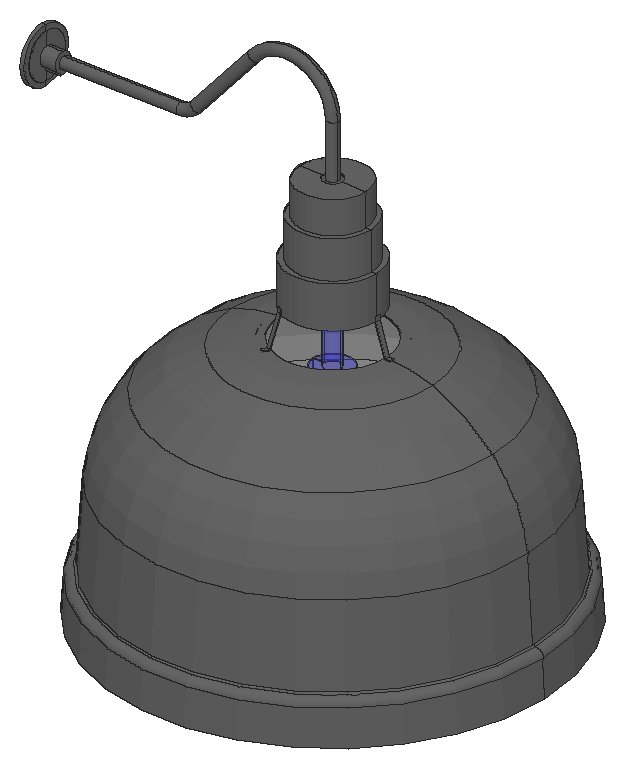
Revit family "OSUL MB 16,18,38", category Lighting Fixtures, Revit 2020
Family settings
  Round Connector Dimension = Use Diameter
  Part Type = Normal
  OmniClass Number = 23.80.70.00
  OmniClass Title = Lighting
  Work Plane-Based = No
  Always vertical = Yes
  Cut with Voids When Loaded = No
  Light Source = Yes
  Shared = No
  Room Calculation Point = No
Parameters (values of type "OSUL38")
  b = 0' - 2"
  a = 2' - 4"
  Weight = "12.0 lbs"
  Wattage Comments = "200 W Max"
  Wattage = 26.9284 W
  Warranty = "5 year limited warranty"  # constant formula
  built-in parameter 1150110 = 1 (stored number, unit not read)
  Voltage = 120 V
  URL = "https://www.anplighting.com/assets/Uploads/product-attachments/specification-sheets/ANP-Specification-Sheet-RLM-MB-OSUL38.pdf"
  UL 418 = no
  UL 416 = no
  built-in parameter 1114217 = 1 (stored number, unit not read)
  Tilt Angle = 90.00°
  built-in parameter 1150109 = 1 (stored number, unit not read)
  built-in parameter 1150134 = 12
  built-in parameter 1150113 = 1 (stored number, unit not read)
  Photometric Web File = "OSUL38M037LDNW40K.IES"
  OSUL38 = yes
  Mounting Option [instance] = 2
  Power Factor = 1
  Post Mount [instance] = Mounting Option = 5  # no
  Placement X axis side [instance] = if(Post Mount, 2' 2 15/32", if(Cord or Stem Mount, 0' 0", if(E36 20 inch, 1' 8 1/4", if(E 6 26 inch, 2' 2", if(E7 41 inch, 3' 5 1/4", 0' 1")))))  # 2' - 2"
  Model = "OSUL38"
  Manufacturer = "ANP Lighting"  # constant formula
  built-in parameter 1150105 = 318.31 (stored number, unit not read)
  Lumens = 4000 lm
  built-in parameter 1150115 = 1 (stored number, unit not read)
  Load Classification = Lighting
  Light Source Height [instance] = 0' - 0"
  built-in parameter 1150137 = (empty or 0)
  built-in parameter 1150139 = (empty or 0)
  Light Elevation _2 [instance] = if(Post Mount, 0' 0.66142", if(E7 41 inch, 0' 0.66142", if(E36 20 inch, 0' 1.65748", if(E 6 26 inch, 0' 1.53543", if(Cord or Stem Mount, (0' 4.3622" + Cord Length), 0' 0")))))  # 0' - 1.53543"
  Light Elevation _1 [instance] = if(Post Mount, 0' 0", if(E7 41 inch, 0' 0", if(E36 20 inch, 0' 1", if(E 6 26 inch, 0' 0.87402", if(Cord or Stem Mount, (0' 3.66142" + Cord Length), 0' 0")))))  # 0' - 0.87402"
  Light Elevation [instance] = if(Post Mount, 14' 0.5315", if(E7 41 inch, 0' 0", 0' 0"))  # 0' - 0"
  Life = "L70 50,000 hours"  # constant formula
  built-in parameter 1150112 = 1 (stored number, unit not read)
  built-in parameter 1150114 = 1 (stored number, unit not read)
  Lamp = "MB"
  built-in parameter 1150132 = 2
  built-in parameter 1150102 = (empty or 0)
  built-in parameter 1150107 = 4000 (stored number, unit not read)
  built-in parameter 1150138 = (empty or 0)
  built-in parameter 1150106 = 3.1831 (stored number, unit not read)
  INSIDE BODY = Default
  Fixture Height = 2' - 11"
  Fixture Diameter = 3' - 2"
  Efficiency = "65-125 lumens per watt"  # constant formula
  built-in parameter 1150104 = 13.8 (stored number, unit not read)
  E7 41 inch [instance] = Mounting Option = 4  # no
  E36 20 inch [instance] = Mounting Option = 3  # no
  E 6 26 inch [instance] = Mounting Option = 2  # yes
  Dimming Lamp Color Temperature Shift = <None>
  Dimming = "1%"  # constant formula
  Description = "120-277 Voltage"  # constant formula
  Default Elevation = 0' - 0"
  Cord or Stem Mount [instance] = Mounting Option = 1  # no
  Cord Length option [instance] = 0
  Cord Length [instance] = if([2' Cord], 2' 0", if([4' Cord], 4' 0", if([8' Cord], 8' 0", if([10' Cord], 10' 0", if([6' Cord], 6' 0", 6' 0")))))  # 6' - 0"
  Construction Material = "Heavy Duty spun aluminum."  # constant formula
  Color Filter = 16777215
  Canopy Body = body
  CRI = ">90"  # constant formula
  Bulb = Glass
  Body Material = body
  Body Colour = "Spun aluminium"  # constant formula
  built-in parameter 1114218 = 1 (stored number, unit not read)
  built-in parameter 1150133 = 10 (stored number, unit not read)
  Apparent Load = 200 VA
  8' Cord [instance] = Cord Length option = 8  # no
  6' Cord [instance] = Cord Length option = 6  # no
  4' Cord [instance] = Cord Length option = 4  # no
  2' Cord [instance] = Cord Length option = 2  # no
  10' Cord [instance] = Cord Length option = 10  # no
Types (4): name | a | Weight | URL | UL 418 | UL 416 | Photometric Web File | OSUL38 | Model | Fixture Height | Fixture Diameter
  (no name) | 2' - 4" | "12.0 lbs" | "https://www.anplighting.com/assets/Uploads/product-attachments/specification-sheets/ANP-Specification-Sheet-RLM-MB-OSUL38.pdf" | no | no | "OSUL38M037LDNW40K.IES" | yes | "OSUL38" | 2' - 11" | 3' - 2"
  OSUL38 | 2' - 4" | "12.0 lbs" | "https://www.anplighting.com/assets/Uploads/product-attachments/specification-sheets/ANP-Specification-Sheet-RLM-MB-OSUL38.pdf" | no | no | "OSUL38M037LDNW40K.IES" | yes | "OSUL38" | 2' - 11" | 3' - 2"
  UL418 | 1' - 6" | "2.5lbs" | "https://www.anplighting.com/assets/Uploads/product-attachments/specification-sheets/ANP-Specification-Sheet-RLM-MB-UL418.pdf" | yes | no | "generic" | no | "UL418" | 1' - 4 1/2" | 1' - 6"
  UL416 | 1' - 2" | "1.5lbs" | "https://www.anplighting.com/assets/Uploads/product-attachments/specification-sheets/ANP-Specification-Sheet-RLM-MB-UL416.pdf" | no | yes | "UL416-100W-INC.-T15293t.IES" | no | "UL416" | 1' - 2 1/2" | 1' - 4 1/8"
Reference planes (in)
  plane 1 "Light Source Axis (F/B)": y = 0
  plane 2: z = 0
  plane 3 "Light Source Axis (L/R)": x = 0
  plane 4 "Light Source Elevation": z = 0
  plane 5: z = 0
  plane 6: x = 26
  plane 7 "Bulb Position": z = -1.53543
  plane 8 "Canopy Position": z = -0.87402
  plane 9 "IES": z = -1.53543
  plane 10: z = 164.5315
  plane 11: z = -28.87402
  plane 12: z = -26.87402
  plane 13: z = -24.44289
Dimensions and locks (in)
  "Light Elevation": plane 5 to plane 2
  "Placement X axis side": plane 6 to plane 3 "Light Source Axis (L/R)"
  "Light Elevation _2": plane 5 to plane 7 "Bulb Position"
  "Light Elevation _1": plane 5 to plane 8 "Canopy Position"
  "Light Source Height": plane 7 "Bulb Position" to plane 9 "IES"
  plane 4 "Light Source Elevation" to plane 2 = 0' - 0"
  "a": plane 8 "Canopy Position" to plane 11
  "b": plane 12 to plane 11
  locked: plane 13 to plane 12 at 2.43113
  aligned and locked: level to plane 2
  aligned and locked: plane 1 "Light Source Axis (F/B)" to nested 5
  aligned and locked: nested 5 to plane 2
  aligned and locked: nested 1 to plane 3 "Light Source Axis (L/R)"
  aligned and locked: plane 3 "Light Source Axis (L/R)" to nested 2
  aligned and locked: plane 3 "Light Source Axis (L/R)" to nested 4
  aligned and locked: nested 3 to plane 5
  aligned and locked: plane 3 "Light Source Axis (L/R)" to nested 3
  aligned and locked: plane 3 "Light Source Axis (L/R)" to nested 5
  aligned and locked: plane 1 "Light Source Axis (F/B)" to nested 2
  aligned and locked: plane 1 "Light Source Axis (F/B)" to nested 1
  aligned and locked: plane 1 "Light Source Axis (F/B)" to nested 4
  aligned and locked: plane 1 "Light Source Axis (F/B)" to nested 3
  aligned and locked: plane 2 to nested 1
  aligned and locked: plane 2 to nested 2
  aligned and locked: nested 4 to plane 2
  aligned and locked: plane 6 to imposter light
  aligned and locked: imposter light to plane 12
  aligned and locked: plane 1 "Light Source Axis (F/B)" to nested 6
  aligned and locked: plane 6 to nested 6
  aligned and locked: nested 6 to plane 8 "Canopy Position"
  aligned and locked: plane 1 "Light Source Axis (F/B)" to nested 7
  aligned and locked: plane 6 to nested 7
  aligned and locked: nested 7 to plane 8 "Canopy Position"
  aligned and locked: plane 1 "Light Source Axis (F/B)" to nested 8
  aligned and locked: plane 6 to nested 8
  aligned and locked: nested 8 to plane 8 "Canopy Position"
Nested families (in)
  nested 1: "CORD OR STEM MOUNT" at (0, 0, -75.67), visible <- "Cord or Stem Mount", Cord or Stem Mount <- "Cord or Stem Mount", Body Material <- "Body Material", Light Elevation <- "Light Elevation", Cord Length <- "Cord Length", 10' Cord <- "10' Cord", 2' Cord <- "2' Cord", 4' Cord <- "4' Cord", 6' Cord <- "6' Cord", 8' Cord <- "8' Cord", type "CORD OR STEM MOUNT"
    with Light Elevation 0' - 0", Cord or Stem Mount no, Cord Length 6' - 0", Body Material body, 8' Cord no, 6' Cord no, 4' Cord no, 2' Cord no, 10' Cord no
  nested 2: "E6 26 INCH" at (26, 0, 0), visible <- "E 6 26 inch", Chain Length <- "Cord Length", E 6 26 inch <- "E 6 26 inch", Placement X axis side <- "Placement X axis side", Body Material <- "Body Material", Light Elevation <- "Light Elevation", type "E6 26 INCH"
    with Placement X axis side 2' - 2", Light Elevation 0' - 0", E 6 26 inch yes, Chain Length 6' - 0", Body Material body
  nested 3: "E7 41 INCH" at (26, 0, 0), Chain Length <- "Cord Length", visible <- "E7 41 inch", E7 41 inch <- "E7 41 inch", Placement X axis side <- "Placement X axis side", Body Material <- "Body Material", Light Elevation <- "Light Elevation", type "E7 41 INCH"
    with Placement X axis side 2' - 2", Light Elevation 0' - 0", E7 41 inch no, Chain Length 6' - 0", Body Material body
  nested 4: "E36 20 INCH" at (26, 0, 0), visible <- "E36 20 inch", E36 20 inch <- "E36 20 inch", Placement X axis side <- "Placement X axis side", Chain Length <- "Cord Length", Body Material <- "Body Material", Light Elevation <- "Light Elevation", type "E36 20 INCH"
    with Placement X axis side 2' - 2", Light Elevation 0' - 0", E36 20 inch no, Chain Length 6' - 0", Body Material body
  nested 5: "POST MOUNT" at (26, 0, 0), visible <- "Post Mount", Post Mount <- "Post Mount", Placement X axis side <- "Placement X axis side", Chain Length <- "Cord Length", Body Material <- "Body Material", Light Elevation <- "Light Elevation", type "POST MOUNT"
    with Post Mount no, Placement X axis side 2' - 2", Light Elevation 0' - 0", Chain Length 6' - 0", Body Material body
  nested 6: "OSUL38 A" at (26, 0, -0.87402), UL 438 <- "OSUL38", visible <- "OSUL38", Body <- "Canopy Body", Bulb <- "Bulb", INSIDE BODY <- "INSIDE BODY", Light Elevation <- "Light Elevation", type "OSUL38 A"
    with UL 438 yes, Light Elevation 0' - 0", INSIDE BODY Default, Bulb Glass, Body body
  nested 7: "UL416 A" at (26, 0, -0.87402), UL 416 <- "UL 416", visible <- "UL 416", Body <- "Canopy Body", INSIDE BODY <- "INSIDE BODY", Light Elevation <- "Light Elevation", type "UL416 A"
    with UL 416 no, Light Elevation 0' - 0", INSIDE BODY Default, Body body
  nested 8: "UL418 A" at (26, 0, -0.87402), UL 418 <- "UL 418", visible <- "UL 418", Body <- "Canopy Body", INSIDE BODY <- "INSIDE BODY", Light Elevation <- "Light Elevation", type "UL418 A"
    with UL 418 no, Light Elevation 0' - 0", INSIDE BODY Default, Body body
Definition of nested family "E6 26 INCH"
  Parameters (values of type "E6 26 INCH")
    URL = ""
    Placement X axis side [instance] = 2' - 2"
    Model = ""
    Manufacturer = ""
    Light Elevation [instance] = 8' - 4"
    E 6 26 inch [instance] = yes
    Default Elevation = 0' - 0"
    Chain Length [instance] = 0' - 0"
    Body Material [instance] = none
  Reference planes (in)
    plane 1 "Light Source Axis (F/B)": y = 0
    plane 2: z = 0
    plane 3 "Light Source Axis (L/R)": x = 0
    plane 4 "Light Source Elevation": z = 23.125
    plane 5: z = 100
    plane 6: x = -26
    plane 7: z = 99.125
    plane 8: x = -24.12
    plane 9: x = -25.5474
  Forms (in)
    Extrusion 1, void, not visible
      sketch origin (0, 0, 2.38154) x (1, 0, 0) y (0, 0, 1)
        loop
          circle (0, 4.59925) r 0.16583
      from 1.18594 to 1.75
    Extrusion 2, void, not visible
      sketch origin (0, 0, 2.38154) x (0.707107, -0.707107, 0) y (0, 0, 1)
        loop
          circle (0, 4.59925) r 0.16583
      from 1.18594 to 1.75
    Extrusion 3, void, not visible
      sketch origin (0, 0, 2.38154) x (0.707107, 0.707107, 0) y (0, 0, 1)
        loop
          circle (0, 4.59925) r 0.16583
      from 1.18594 to 1.75
    Extrusion 4, void, not visible
      sketch origin (0, 0, 2.38154) x (0, 1, 0) y (0, 0, 1)
        loop
          circle (0, 4.59925) r 0.16583
      from 1.18594 to 1.75
    Extrusion 5, void, not visible
      sketch origin (0, 0, 2.38154) x (-0.707107, 0.707107, 0) y (0, 0, 1)
        loop
          circle (0, 4.59925) r 0.16583
      from 1.18594 to 1.75
    Extrusion 6, void, not visible
      sketch origin (0, 0, 2.38154) x (-1, 0, 0) y (0, 0, 1)
        loop
          circle (0, 4.59925) r 0.20678
      from 1.18594 to 1.75
    Extrusion 7, void, not visible
      sketch origin (0, 0, 2.38154) x (-0.707107, -0.707107, 0) y (0, 0, 1)
        loop
          circle (0, 4.59925) r 0.16583
      from 1.18594 to 1.75
    Extrusion 8, void, not visible
      sketch origin (0, 0, 2.38154) x (0, -1, 0) y (0, 0, 1)
        loop
          circle (0, 4.59925) r 0.16583
      from 1.18594 to 1.75
    Sweep 9, solid, material <- "Body Material", visible <- "E 6 26 inch"
      path origin (-41.25, 0, 168.51693) x (1, 0, 0) y (0, 0, 1)
        loop
          line (17.13, -68.51693) -> (27.68551, -68.51693)
          arc (27.68551, -68.51693) -> (28.47996, -68.34486) -> (29.13202, -67.8595) r 1.92004
          line (29.13202, -67.8595) -> (34.23651, -62.01155)
          arc (34.23651, -62.01155) -> (38.65464, -60.89667) -> (41.25, -64.64193) r 4
          line (41.25, -64.64193) -> (41.25, -69.39193)
      profile origin (-18.84224, 0, 100) x (0, 0, 1) y (0, -1, 0)
        loop
          circle (0, 0) r 0.5
    Revolve 10, solid, material <- "Body Material", visible <- "E 6 26 inch"
      sketch origin (-26, 0, 168.51693) x (1, 0, 0) y (0, 0, 1)
        loop
          line (0, -66.07943) -> (0, -68.51693) -> (1.88, -68.51693) -> (1.88, -67.69272) -> (0.4526, -67.69272) -> (0.4526, -66.54122) -> (0.33125, -66.54122) -> (0.33125, -66.07943) -> (0, -66.07943)
        axis (0, -68.51693) -> (1.88, -68.51693)
      angle from 0 to 360
    Extrusion 11, solid, material <- "Body Material", visible <- "E 6 26 inch"
      sketch origin (-26, 0, 168.51693) x (0, -1, 0) y (0, 0, -1)
        loop
          line (0.25, 68.51693) -> (0.25, 69.51693) -> (-0.25, 69.51693) -> (-0.25, 68.51693) -> (0.25, 68.51693)
      from 0.4526 to 1.88
  Cuts and joins
    joined: Revolve 10, Extrusion 11
  Dimensions and locks (in)
    "Light Elevation": plane 5 to plane 2
    "Placement X axis side": plane 3 "Light Source Axis (L/R)" to plane 6
    locked: plane 5 to plane 7 at 0.875
    Revolve 10 sketch curve to Revolve 10 sketch curve to Revolve 10 sketch curve to plane 6 = 0' - 1.4274" locked, 0' - 0.12135" locked, 0' - 0.33125" locked
    Revolve 10 sketch curve to Revolve 10 sketch curve to Revolve 10 sketch curve to plane 5 = 0' - 0.46179" locked, 0' - 1.1515" locked, 0' - 0 211/256" locked
    locked: Sweep 9 sketch curve to plane 6 at 1.88
    locked: Sweep 9 sketch curve to Sweep 9 sketch curve at 10.55551
    locked: Sweep 9 sketch curve to Sweep 9 sketch curve at 13.56449
    locked: Sweep 9 sketch curve to Sweep 9 sketch curve at 4.75
    locked: plane 9 to plane 6 at 0.4526
    locked: plane 8 to plane 9 at 1.4274
    aligned and locked: level to plane 2
    aligned and locked: Revolve 10 sketch curve to plane 6
    aligned and locked: plane 5 to Revolve 10 sketch curve
    aligned and locked: Revolve 10 sketch curve to plane 5
    aligned and locked: cut or joined group of Revolve 10, Extrusion 11 to plane 9
    aligned and locked: plane 8 to cut or joined group of Revolve 10, Extrusion 11
  Automatic sketch dimensions
    Sweep 9 sketch curve to plane 5 = 0' - 0"
    Sweep 9 sketch curve to Sweep 9 sketch curve = 0' - 4"
    Sweep 9 sketch curve to Sweep 9 sketch curve = 0' - 3.01349"
    plane 5 to Sweep 9 sketch curve = 0' - 0.65743"
    Sweep 9 sketch curve to Sweep 9 sketch curve = 0' - 1.4465"
    Sweep 9 sketch curve to plane 5 = 0' - 0 7/8"
    profile plane to Sweep 9 sketch curve = 0' - 0"
    Sweep 9 sketch curve to profile plane = 0' - 0"
    plane 6 to Revolve 10 sketch curve = 0' - 0.62562"
    Revolve 10 sketch curve to Revolve 10 sketch curve = 0' - 0 1/2"
    Extrusion 11 sketch curve to plane 5 = 0' - 0"
    plane 1 "Light Source Axis (F/B)" to Extrusion 11 sketch curve = 0' - 0 1/4"
    Extrusion 11 sketch curve to plane 1 "Light Source Axis (F/B)" = 0' - 0 1/4"
    plane 5 to Extrusion 11 sketch curve = 0' - 1"
    radius of Sweep 9 sketch curve = 0' - 0 1/2"
Definition of nested family "OSUL38 A"
  Parameters (values of type "OSUL38 A")
    UL 438 [instance] = yes
    Light Elevation [instance] = 0' - 0"
    INSIDE BODY [instance] = none
    Default Elevation = 0' - 0"
    Bulb [instance] = none
    Body [instance] = none
  Reference planes (in)
    plane 1 "Center (Front/Back)": y = 0
    plane 2: z = 0
    plane 3 "Center (Left/Right)": x = 0
    plane 4: z = 0
  Dimensions and locks (in)
    "Light Elevation": plane 4 to plane 2
    aligned and locked: plane 2 to level
    aligned and locked: plane 3 "Center (Left/Right)" to nested 1
    aligned and locked: plane 1 "Center (Front/Back)" to nested 1
    aligned and locked: plane 4 to nested 1
  Nested families (in)
    nested 1: "Family12" at (0, 0, -35), INSIDE BODY <- "INSIDE BODY", Bulb <- "Bulb", Body <- "Body", visible <- "UL 438", UL 438 <- "UL 438", type "Family12"
      with UL 438 yes, INSIDE BODY none, Bulb none, Body none
  Definition of nested family "Family12"
    Parameters
      UL 438 [instance] = yes
      INSIDE BODY [instance] = none
      Default Elevation = 0' - 0"
      Bulb [instance] = none
      Body [instance] = none
    Reference planes (in)
      plane 1 "Center (Front/Back)": y = 0
      plane 2: z = 0
      plane 3 "Center (Left/Right)": x = 0
    Forms (in)
      Revolve 1, solid, material <- "Body", visible <- "UL 438"
        sketch origin (0, 0, 0) x (1, 0, 0) y (0, 0, 1)
          loop
            line (18.94502, 0) -> (18.99509, 0) -> (18.82991, 3.1518)
            arc (18.82991, 3.1518) -> (18.59674, 3.62946) -> (18.09106, 3.79322) r 0.67966
            arc (18.09106, 3.79322) -> (17.9871, 3.82604) -> (17.93711, 3.92293) r 0.14187
            arc (17.93711, 3.92293) -> (17.66844, 7.46444) -> (17.44371, 11.00902) r 286.43879
            arc (17.44371, 11.00902) -> (16.46184, 14.69776) -> (14.31066, 17.85106) r 11.32974
            arc (14.31066, 17.85106) -> (11.8073, 19.95163) -> (8.92192, 21.48582) r 15.63164
            arc (8.92192, 21.48582) -> (6.875, 22.09214) -> (4.75, 22.29676) r 11.13679
            line (4.75, 22.29676) -> (4.75, 22.24676)
            arc (4.75, 22.24676) -> (6.86546, 22.04306) -> (8.90319, 21.43946) r 11.08679
            arc (8.90319, 21.43946) -> (11.77934, 19.91018) -> (14.27469, 17.81633) r 15.58164
            arc (14.27469, 17.81633) -> (16.4162, 14.67733) -> (17.39384, 11.00532) r 11.27974
            arc (17.39384, 11.00532) -> (17.61859, 7.46055) -> (17.88728, 3.91884) r 286.48879
            arc (17.88728, 3.91884) -> (17.95488, 3.7878) -> (18.09548, 3.74341) r 0.19187
            arc (18.09548, 3.74341) -> (18.56396, 3.5917) -> (18.77998, 3.14918) r 0.62966
            line (18.77998, 3.14918) -> (18.94502, 0)
          loop
            line (0.85843, 35) -> (0.85843, 34.95) -> (2.95, 34.95) -> (2.95, 32.07709) -> (3.4019, 32.07709) -> (3.4019, 28.68389) -> (3.9019, 28.68389) -> (3.9019, 24.99951) -> (3.9519, 24.99951) -> (3.9519, 28.73389) -> (3.4519, 28.73389) -> (3.4519, 32.12709) -> (3, 32.12709) -> (3, 35) -> (0.85843, 35)
          axis (0, 35) -> (0, 0)
        angle from 0 to 360
      Extrusion 2, solid, material <- "Body", visible <- "UL 438"
        sketch origin (0, 0.2138, 0) x (1, 0, 0) y (0, 0, 1)
          loop
            line (3.94877, 24.98389) -> (4.80962, 22.26551) -> (5.29604, 22.26551) -> (5.29604, 22.34377) -> (4.83728, 22.34377) -> (3.99877, 24.99161) -> (3.99877, 25.38023) -> (3.94877, 25.38023) -> (3.94877, 24.98389)
        from 0 to 0.4276
      Extrusion 3, solid, material <- "Body", visible <- "UL 438"
        sketch origin (0.18515, -0.1069, 0) x (-0.5, -0.866025, 0) y (0, 0, 1)
          loop
            line (3.94877, 24.98389) -> (4.80962, 22.26551) -> (5.29604, 22.26551) -> (5.29604, 22.34377) -> (4.83728, 22.34377) -> (3.99877, 24.99161) -> (3.99877, 25.38023) -> (3.94877, 25.38023) -> (3.94877, 24.98389)
        from 0 to 0.4276
      Extrusion 4, solid, material <- "Body", visible <- "UL 438"
        sketch origin (-0.18515, -0.1069, 0) x (-0.5, 0.866025, 0) y (0, 0, 1)
          loop
            line (3.94877, 24.98389) -> (4.80962, 22.26551) -> (5.29604, 22.26551) -> (5.29604, 22.34377) -> (4.83728, 22.34377) -> (3.99877, 24.99161) -> (3.99877, 25.38023) -> (3.94877, 25.38023) -> (3.94877, 24.98389)
        from 0 to 0.4276
      Revolve 5, solid, material <- "INSIDE BODY", visible <- "UL 438"
        sketch origin (0, 0, 0) x (1, 0, 0) y (0, 0, 1)
          loop
            line (5.42701, 22.07767) -> (5.42701, 22.02754)
            arc (5.42701, 22.02754) -> (8.25121, 21.46159) -> (10.85104, 20.2217) r 11.67997
            arc (10.85104, 20.2217) -> (12.82945, 18.77826) -> (14.61519, 17.10232) r 19.86204
            arc (14.61519, 17.10232) -> (16.39912, 14.19111) -> (17.21897, 10.87669) r 11.15535
            arc (17.21897, 10.87669) -> (17.44206, 7.34757) -> (17.71225, 3.82174) r 264.92049
            arc (17.71225, 3.82174) -> (17.76709, 3.65109) -> (17.92533, 3.56691) r 0.23834
            arc (17.92533, 3.56691) -> (18.02207, 3.56878) -> (18.11883, 3.56777) r 3.26551
            arc (18.11883, 3.56777) -> (18.17088, 3.5615) -> (18.22082, 3.54555) r 0.27732
            arc (18.22082, 3.54555) -> (18.31359, 3.51041) -> (18.39866, 3.45939) r 0.55793
            arc (18.39866, 3.45939) -> (18.56418, 3.27215) -> (18.63526, 3.03256) r 0.57845
            arc (18.63526, 3.03256) -> (18.72928, 1.51698) -> (18.79685, 0) r 87.069
            line (18.79685, 0) -> (18.84688, 0)
            arc (18.84688, 0) -> (18.77926, 1.51875) -> (18.68514, 3.03609) r 87.119
            arc (18.68514, 3.03609) -> (18.60791, 3.29639) -> (18.42809, 3.49982) r 0.62845
            arc (18.42809, 3.49982) -> (18.33683, 3.5547) -> (18.2374, 3.59282) r 0.60793
            arc (18.2374, 3.59282) -> (18.17989, 3.61071) -> (18.12009, 3.61776) r 0.32732
            arc (18.12009, 3.61776) -> (18.02368, 3.61878) -> (17.92728, 3.61701) r 3.31551
            arc (17.92728, 3.61701) -> (17.80324, 3.68585) -> (17.76243, 3.82172) r 0.18834
            arc (17.76243, 3.82172) -> (17.49206, 7.34937) -> (17.26884, 10.88032) r 264.87049
            arc (17.26884, 10.88032) -> (16.44516, 14.21063) -> (14.65248, 17.13565) r 11.20535
            arc (14.65248, 17.13565) -> (12.86186, 18.81635) -> (10.87796, 20.26384) r 19.91204
            arc (10.87796, 20.26384) -> (8.26525, 21.50962) -> (5.42701, 22.07767) r 11.72997
          axis (0, 0) -> (0, 22.07767)
        angle from 0 to 360
      Revolve 6, solid, material <- "Bulb", visible <- "UL 438"
        sketch origin (0, 0, 0) x (1, 0, 0) y (0, 0, 1)
          loop
            line (0, 17) -> (1.75, 17) -> (1.75, 20) -> (0.75, 20) -> (0.75, 24.99951) -> (0.7, 24.99951) -> (0.7, 19.95) -> (1.7, 19.95) -> (1.7, 17.05) -> (0, 17.05) -> (0, 17)
          axis (0, 24.99951) -> (0, 17)
        angle from 0 to 360
    Dimensions and locks (in)
      locked: Revolve 6 to plane 2 at 17
      aligned and locked: plane 2 to level
Definition of nested family "CORD OR STEM MOUNT"
  Parameters (values of type "CORD OR STEM MOUNT")
    URL = ""
    Model = ""
    Manufacturer = ""
    Light Elevation [instance] = 1' - 7.69"
    Default Elevation = 0' - 0"
    Cord or Stem Mount [instance] = yes
    Cord Length [instance] = 6' - 0"
    Body Material [instance] = none
    8' Cord [instance] = no
    6' Cord [instance] = no
    4' Cord [instance] = no
    2' Cord [instance] = no
    10' Cord [instance] = no
  Reference planes (in)
    plane 1 "Light Source Axis (F/B)": y = 0
    plane 2: z = 0
    plane 3 "Light Source Axis (L/R)": x = 0
    plane 4 "Light Source Elevation": z = 23.125
    plane 5: z = 91.69
    plane 6: z = 19.69
  Forms (in)
    Extrusion 1, void, not visible
      sketch origin (0, 0, 2.38154) x (1, 0, 0) y (0, 0, 1)
        loop
          circle (0, 4.59925) r 0.16583
      from 1.18594 to 1.75
    Extrusion 2, void, not visible
      sketch origin (0, 0, 2.38154) x (0.707107, -0.707107, 0) y (0, 0, 1)
        loop
          circle (0, 4.59925) r 0.16583
      from 1.18594 to 1.75
    Extrusion 3, void, not visible
      sketch origin (0, 0, 2.38154) x (0.707107, 0.707107, 0) y (0, 0, 1)
        loop
          circle (0, 4.59925) r 0.16583
      from 1.18594 to 1.75
    Extrusion 4, void, not visible
      sketch origin (0, 0, 2.38154) x (0, 1, 0) y (0, 0, 1)
        loop
          circle (0, 4.59925) r 0.16583
      from 1.18594 to 1.75
    Extrusion 5, void, not visible
      sketch origin (0, 0, 2.38154) x (-0.707107, 0.707107, 0) y (0, 0, 1)
        loop
          circle (0, 4.59925) r 0.16583
      from 1.18594 to 1.75
    Extrusion 6, void, not visible
      sketch origin (0, 0, 2.38154) x (-1, 0, 0) y (0, 0, 1)
        loop
          circle (0, 4.59925) r 0.20678
      from 1.18594 to 1.75
    Extrusion 7, void, not visible
      sketch origin (0, 0, 2.38154) x (-0.707107, -0.707107, 0) y (0, 0, 1)
        loop
          circle (0, 4.59925) r 0.16583
      from 1.18594 to 1.75
    Extrusion 8, void, not visible
      sketch origin (0, 0, 2.38154) x (0, -1, 0) y (0, 0, 1)
        loop
          circle (0, 4.59925) r 0.16583
      from 1.18594 to 1.75
    Revolve 9, solid, material <- "Body Material", visible <- "Cord or Stem Mount"
      sketch origin (0, 0, 174.56698) x (1, 0, 0) y (0, 0, 1)
        loop
          line (2.6875, -79.20698) -> (0, -79.20698) -> (0, -82.87698) -> (0.125, -82.87698) -> (0.125, -82.83698) -> (0.75, -82.83698)
          arc (0.75, -82.83698) -> (0.81694, -82.77004) -> (0.75, -82.7031) r 0.06694
          line (0.75, -82.7031) -> (0.89763, -82.7031) -> (1.00223, -82.5985) -> (1.06587, -82.5985)
          arc (1.06587, -82.5985) -> (1.80099, -82.29401) -> (2.10549, -81.55888) r 1.03962
          line (2.10549, -81.55888) -> (2.10549, -81.03899)
          arc (2.10549, -81.03899) -> (2.12951, -80.981) -> (2.1875, -80.95698) r 0.08201
          line (2.1875, -80.95698) -> (2.1875, -80.70698) -> (2.6875, -80.70698) -> (2.6875, -79.20698)
        axis (0, -79.20698) -> (0, -82.87698)
      angle from 0 to 360
    Revolve 10, solid, material <- "Body Material", visible <- "Cord or Stem Mount"
      sketch origin (0, 0, 0) x (1, 0, 0) y (0, 0, 1)
        loop
          line (0, 91.69) -> (-0.125, 91.69) -> (-0.125, 19.69) -> (0, 19.69) -> (0, 91.69)
        axis (0, 19.69) -> (0, 91.69)
      angle from 0 to 360
  Dimensions and locks (in)
    "Light Elevation": plane 6 to plane 2
    "Cord Length": plane 5 to plane 6
    locked: Revolve 10 sketch curve to Revolve 10 sketch curve at 0.125
    aligned and locked: level to plane 2
    aligned and locked: Revolve 10 sketch curve to plane 3 "Light Source Axis (L/R)"
    aligned and locked: Revolve 10 sketch curve to plane 6
    aligned and locked: Revolve 10 sketch curve to plane 5
    aligned and locked: plane 3 "Light Source Axis (L/R)" to Revolve 10 sketch curve
  Automatic sketch dimensions
    Revolve 9 sketch curve to plane 3 "Light Source Axis (L/R)" = 0' - 0"  (x2)
    Revolve 9 sketch curve to plane 5 = 0' - 0"
    plane 3 "Light Source Axis (L/R)" to Revolve 9 sketch curve = 0' - 0 1/8"
    Revolve 9 sketch curve to plane 5 = 0' - 0.17388"
    Revolve 9 sketch curve to Revolve 9 sketch curve = 0' - 0 5/8"
    Revolve 9 sketch curve to Revolve 9 sketch curve = 0' - 0.14763"
    Revolve 9 sketch curve to plane 5 = 0' - 0.27847"
    Revolve 9 sketch curve to Revolve 9 sketch curve = 0' - 0.1046"
    Revolve 9 sketch curve to Revolve 9 sketch curve = 0' - 0.06364"
    Revolve 9 sketch curve to Revolve 9 sketch curve = 0' - 1.03962"
    Revolve 9 sketch curve to Revolve 9 sketch curve = 0' - 0 21/256"
    Revolve 9 sketch curve to Revolve 9 sketch curve = 0' - 0 1/2"  (x2)
    Revolve 9 sketch curve to Revolve 9 sketch curve = 0' - 0.51989"
    Revolve 9 sketch curve to Revolve 9 sketch curve = 0' - 0 1/4"
    Revolve 9 sketch curve to Revolve 9 sketch curve = 0' - 2.3519"
    Revolve 9 sketch curve to Revolve 9 sketch curve = 0' - 1 1/4"
    Revolve 9 sketch curve to Revolve 9 sketch curve = 0' - 0.04"
    Revolve 10 sketch curve to Revolve 10 sketch curve = 0' - 0 1/2"
    Revolve 10 sketch curve to Revolve 10 sketch curve = 0' - 0.42345"
Definition of nested family "E7 41 INCH"
  Parameters (values of type "E7 41 INCH")
    URL = ""
    Placement X axis side [instance] = 4' - 2"
    Model = ""
    Manufacturer = ""
    Light Elevation [instance] = 8' - 4"
    E7 41 inch [instance] = yes
    Default Elevation = 0' - 0"
    Chain Length [instance] = 0' - 0"
    Body Material [instance] = none
  Reference planes (in)
    plane 1 "Light Source Axis (F/B)": y = 0
    plane 2: z = 0
    plane 3 "Light Source Axis (L/R)": x = 0
    plane 4 "Light Source Elevation": z = 23.125
    plane 5: z = 100
    plane 6: x = -50
  Forms (in)
    Extrusion 1, void, not visible
      sketch origin (0, 0, 2.38154) x (1, 0, 0) y (0, 0, 1)
        loop
          circle (0, 4.59925) r 0.16583
      from 1.18594 to 1.75
    Extrusion 2, void, not visible
      sketch origin (0, 0, 2.38154) x (0.707107, -0.707107, 0) y (0, 0, 1)
        loop
          circle (0, 4.59925) r 0.16583
      from 1.18594 to 1.75
    Extrusion 3, void, not visible
      sketch origin (0, 0, 2.38154) x (0.707107, 0.707107, 0) y (0, 0, 1)
        loop
          circle (0, 4.59925) r 0.16583
      from 1.18594 to 1.75
    Extrusion 4, void, not visible
      sketch origin (0, 0, 2.38154) x (0, 1, 0) y (0, 0, 1)
        loop
          circle (0, 4.59925) r 0.16583
      from 1.18594 to 1.75
    Extrusion 5, void, not visible
      sketch origin (0, 0, 2.38154) x (-0.707107, 0.707107, 0) y (0, 0, 1)
        loop
          circle (0, 4.59925) r 0.16583
      from 1.18594 to 1.75
    Extrusion 6, void, not visible
      sketch origin (0, 0, 2.38154) x (-1, 0, 0) y (0, 0, 1)
        loop
          circle (0, 4.59925) r 0.20678
      from 1.18594 to 1.75
    Extrusion 7, void, not visible
      sketch origin (0, 0, 2.38154) x (-0.707107, -0.707107, 0) y (0, 0, 1)
        loop
          circle (0, 4.59925) r 0.16583
      from 1.18594 to 1.75
    Extrusion 8, void, not visible
      sketch origin (0, 0, 2.38154) x (0, -1, 0) y (0, 0, 1)
        loop
          circle (0, 4.59925) r 0.16583
      from 1.18594 to 1.75
    Revolve 9, solid, material <- "Body Material", visible <- "E7 41 inch"
      sketch origin (-41.25, 0, 168.39193) x (1, 0, 0) y (0, 0, 1)
        loop
          line (-8.75, -66.20443) -> (-8.75, -68.51693) -> (-6.87, -68.51693) -> (-6.87, -67.69272) -> (-8.2974, -67.69272) -> (-8.2974, -66.54122) -> (-8.41875, -66.54122) -> (-8.41875, -66.20443) -> (-8.75, -66.20443)
        axis (-8.75, -68.51693) -> (-6.87, -68.51693)
      angle from 0 to 360
    Extrusion 10, solid, material <- "Body Material", visible <- "E7 41 inch"
      sketch origin (-41.25, 0, 168.39193) x (0, -1, 0) y (0, 0, -1)
        loop
          line (0.25, 68.51693) -> (0.25, 69.51693) -> (-0.25, 69.51693) -> (-0.25, 68.51693) -> (0.25, 68.51693)
      from -8.2974 to -6.87
    Sweep 11, solid, material <- "Body Material", visible <- "E7 41 inch"
      path origin (-41.25, 0, 168.39193) x (1, 0, 0) y (0, 0, 1)
        loop
          line (-6.87, -68.51693) -> (16.04011, -68.51693)
          arc (16.04011, -68.51693) -> (17.864, -68.13651) -> (19.38375, -67.0587) r 4.5625
          line (19.38375, -67.0587) -> (24.70217, -61.33018)
          arc (24.70217, -61.33018) -> (29.64465, -60.20324) -> (32.5, -64.39193) r 4.5
          line (32.5, -64.39193) -> (32.5, -68.39193)
      profile origin (-36.66494, 0, 99.875) x (0, 0, 1) y (0, -1, 0)
        loop
          circle (0, 0) r 0.5
  Dimensions and locks (in)
    "Placement X axis side": plane 3 "Light Source Axis (L/R)" to plane 6
    "Light Elevation": plane 5 to plane 2
    locked: Revolve 9 sketch curve to Revolve 9 sketch curve at 0.33125
    locked: Revolve 9 sketch curve to Revolve 9 sketch curve at 0.4526
    locked: Revolve 9 sketch curve to Revolve 9 sketch curve at 1.88
    locked: Revolve 9 sketch curve to Revolve 9 sketch curve at 0.82421
    locked: Revolve 9 sketch curve to Revolve 9 sketch curve at 1.1515
    locked: Revolve 9 sketch curve to Revolve 9 sketch curve at 0.33679
    locked: plane 5 to Revolve 9 sketch curve at 0.125
    locked: Extrusion 10 sketch curve to Extrusion 10 sketch curve at 0.5
    locked: Extrusion 10 sketch curve to Extrusion 10 sketch curve at 1
    locked: plane 5 to Extrusion 10 sketch curve at 0.125
    locked: plane 5 to Sweep 11 sketch curve at 0.125
    locked: Sweep 11 sketch curve to Sweep 11 sketch curve at 39.37
    locked: Sweep 11 sketch curve to Sweep 11 sketch curve at 4
    locked: plane 6 to Extrusion 10 at 0.4526
    locked: Sweep 11 sketch curve to plane 6 at 1.88
    locked: Extrusion 10 to Extrusion 10 at 1.4274
    aligned and locked: plane 2 to level
    aligned and locked: Revolve 9 sketch curve to plane 6
  Automatic sketch dimensions
    Revolve 9 sketch curve to plane 5 = 0' - 0 1/8"
    plane 6 to Revolve 9 sketch curve = 0' - 0.62562"
    Revolve 9 sketch curve to Revolve 9 sketch curve = 0' - 0 1/2"
    plane 1 "Light Source Axis (F/B)" to Extrusion 10 sketch curve = 0' - 0 1/4"
    Sweep 11 sketch curve to plane 5 = 0' - 0"
    Sweep 11 sketch curve to Sweep 11 sketch curve = 0' - 4 1/2"
    Sweep 11 sketch curve to Sweep 11 sketch curve = 0' - 3.29783"
    plane 5 to Sweep 11 sketch curve = 0' - 1.33323"
    Sweep 11 sketch curve to Sweep 11 sketch curve = 0' - 5.31842"
    Sweep 11 sketch curve to Sweep 11 sketch curve = 0' - 3.34364"
    profile plane to Sweep 11 sketch curve = 0' - 0"
    Sweep 11 sketch curve to profile plane = 0' - 0"
    radius of Sweep 11 sketch curve = 0' - 0 1/2"
Definition of nested family "E36 20 INCH"
  Parameters (values of type "E36 20 INCH")
    URL = ""
    Placement X axis side [instance] = 1' - 8 1/4"
    Model = ""
    Manufacturer = ""
    Light Elevation [instance] = 8' - 4"
    E36 20 inch [instance] = yes
    Default Elevation = 0' - 0"
    Chain Length [instance] = 0' - 0"
    Body Material [instance] = none
  Reference planes (in)
    plane 1 "Light Source Axis (F/B)": y = 0
    plane 2: z = 0
    plane 3 "Light Source Axis (L/R)": x = 0
    plane 4 "Light Source Elevation": z = 23.125
    plane 5: z = 99
    plane 6: x = -20.25
    plane 7: z = 100
    plane 8: x = -18.37008
    plane 9: x = -19.79724
  Forms (in)
    Extrusion 1, void, not visible
      sketch origin (0, 0, 2.38154) x (1, 0, 0) y (0, 0, 1)
        loop
          circle (0, 4.59925) r 0.16583
      from 1.18594 to 1.75
    Extrusion 2, void, not visible
      sketch origin (0, 0, 2.38154) x (0.707107, -0.707107, 0) y (0, 0, 1)
        loop
          circle (0, 4.59925) r 0.16583
      from 1.18594 to 1.75
    Extrusion 3, void, not visible
      sketch origin (0, 0, 2.38154) x (0.707107, 0.707107, 0) y (0, 0, 1)
        loop
          circle (0, 4.59925) r 0.16583
      from 1.18594 to 1.75
    Extrusion 4, void, not visible
      sketch origin (0, 0, 2.38154) x (0, 1, 0) y (0, 0, 1)
        loop
          circle (0, 4.59925) r 0.16583
      from 1.18594 to 1.75
    Extrusion 5, void, not visible
      sketch origin (0, 0, 2.38154) x (-0.707107, 0.707107, 0) y (0, 0, 1)
        loop
          circle (0, 4.59925) r 0.16583
      from 1.18594 to 1.75
    Extrusion 6, void, not visible
      sketch origin (0, 0, 2.38154) x (-1, 0, 0) y (0, 0, 1)
        loop
          circle (0, 4.59925) r 0.20678
      from 1.18594 to 1.75
    Extrusion 7, void, not visible
      sketch origin (0, 0, 2.38154) x (-0.707107, -0.707107, 0) y (0, 0, 1)
        loop
          circle (0, 4.59925) r 0.16583
      from 1.18594 to 1.75
    Extrusion 8, void, not visible
      sketch origin (0, 0, 2.38154) x (0, -1, 0) y (0, 0, 1)
        loop
          circle (0, 4.59925) r 0.16583
      from 1.18594 to 1.75
    Sweep 9, solid, material <- "Body Material", visible <- "E36 20 inch"
      path origin (-41.25, 0, 169.51693) x (1, 0, 0) y (0, 0, 1)
        loop
          line (22.88, -69.51693) -> (28.93827, -69.51693)
          arc (28.93827, -69.51693) -> (29.97705, -69.28152) -> (30.81284, -68.62128) r 2.40953
          line (30.81284, -68.62128) -> (34.13807, -64.50378)
          arc (34.13807, -64.50378) -> (38.58272, -63.24548) -> (41.25, -67.01693) r 4
          line (41.25, -67.01693) -> (41.25, -70.51693)
      profile origin (-15.34086, 0, 100) x (0, 0, 1) y (0, -1, 0)
        loop
          circle (0, 0) r 0.5
    Revolve 10, solid, material <- "Body Material", visible <- "E36 20 inch"
      sketch origin (-20.25, 0, 169.51693) x (1, 0, 0) y (0, 0, 1)
        loop
          line (0, -67.20443) -> (0, -69.51693) -> (1.88, -69.51693) -> (1.88, -68.69272) -> (0.4526, -68.69272) -> (0.4526, -67.54122) -> (0.33125, -67.54122) -> (0.33125, -67.20443) -> (0, -67.20443)
        axis (0, -69.51693) -> (1.88, -69.51693)
      angle from 0 to 360
    Extrusion 11, solid, material <- "Body Material", visible <- "E36 20 inch"
      sketch origin (-20.25, 0, 169.51693) x (0, -1, 0) y (0, 0, -1)
        loop
          line (0.25, 69.51693) -> (0.25, 70.51693) -> (-0.25, 70.51693) -> (-0.25, 69.51693) -> (0.25, 69.51693)
      from 1.87992 to 0.45276
  Cuts and joins
    joined: Revolve 10, Extrusion 11
  Dimensions and locks (in)
    "Light Elevation": plane 7 to plane 2
    "Placement X axis side": plane 3 "Light Source Axis (L/R)" to plane 6
    locked: plane 7 to plane 5 at 1
    Revolve 10 sketch curve to Revolve 10 sketch curve to Revolve 10 sketch curve to plane 7 = 0' - 0.33679" locked, 0' - 1.1515" locked, 0' - 0 211/256" locked
    locked: Sweep 9 sketch curve to plane 6 at 1.88
    locked: Sweep 9 sketch curve to Sweep 9 sketch curve at 6.05827
    locked: Sweep 9 sketch curve to Sweep 9 sketch curve at 12.31173
    locked: Sweep 9 sketch curve to Sweep 9 sketch curve at 3.5
    Revolve 10 sketch curve to Revolve 10 sketch curve to Revolve 10 sketch curve to plane 6 = 0' - 1.4274" locked, 0' - 0.12135" locked, 0' - 0.33125" locked
    locked: plane 9 to plane 6 at 0.45276
    locked: plane 8 to plane 9 at 1.42717
    aligned and locked: level to plane 2
    aligned and locked: plane 7 to Revolve 10 sketch curve
    aligned and locked: Revolve 10 sketch curve to plane 7
    aligned and locked: Revolve 10 sketch curve to plane 6
    aligned and locked: cut or joined group of Revolve 10, Extrusion 11 to plane 9
    aligned and locked: plane 8 to cut or joined group of Revolve 10, Extrusion 11
  Automatic sketch dimensions
    Sweep 9 sketch curve to plane 7 = 0' - 0"
    Sweep 9 sketch curve to plane 5 = 0' - 0"
    Sweep 9 sketch curve to Sweep 9 sketch curve = 0' - 4"
    Sweep 9 sketch curve to plane 7 = 0' - 0.89565"
    Sweep 9 sketch curve to Sweep 9 sketch curve = 0' - 3.32523"
    Sweep 9 sketch curve to Sweep 9 sketch curve = 0' - 1.87457"
    profile plane to Sweep 9 sketch curve = 0' - 0"
    Sweep 9 sketch curve to profile plane = 0' - 0"
    plane 6 to Revolve 10 sketch curve = 0' - 0.62562"
    Revolve 10 sketch curve to Revolve 10 sketch curve = 0' - 0 1/2"
    plane 7 to Extrusion 11 sketch curve = 0' - 0"
    Extrusion 11 sketch curve to plane 5 = 0' - 0"
    plane 1 "Light Source Axis (F/B)" to Extrusion 11 sketch curve = 0' - 0 1/4"
    Extrusion 11 sketch curve to plane 1 "Light Source Axis (F/B)" = 0' - 0 1/4"
    radius of Sweep 9 sketch curve = 0' - 0 1/2"
Definition of nested family "POST MOUNT"
  Parameters (values of type "POST MOUNT")
    URL = ""
    Post Mount [instance] = yes
    Placement X axis side [instance] = 2' - 2 1/2"
    Model = ""
    Manufacturer = ""
    Light Elevation [instance] = 14' - 0.5168"
    Default Elevation = 0' - 0"
    Chain Length [instance] = 0' - 0"
    Body Material [instance] = none
  Reference planes (in)
    plane 1 "Light Source Axis (F/B)": y = 0
    plane 2: z = 0
    plane 3 "Light Source Axis (L/R)": x = 0
    plane 4 "Light Source Elevation": z = 23.125
    plane 5: x = -26.5
    plane 6: z = 168.5168
  Forms (in)
    Extrusion 1, void, not visible
      sketch origin (0, 0, 2.38154) x (1, 0, 0) y (0, 0, 1)
        loop
          circle (0, 4.59925) r 0.16583
      from 1.18594 to 1.75
    Extrusion 2, void, not visible
      sketch origin (0, 0, 2.38154) x (0.707107, -0.707107, 0) y (0, 0, 1)
        loop
          circle (0, 4.59925) r 0.16583
      from 1.18594 to 1.75
    Extrusion 3, void, not visible
      sketch origin (0, 0, 2.38154) x (0.707107, 0.707107, 0) y (0, 0, 1)
        loop
          circle (0, 4.59925) r 0.16583
      from 1.18594 to 1.75
    Extrusion 4, void, not visible
      sketch origin (0, 0, 2.38154) x (0, 1, 0) y (0, 0, 1)
        loop
          circle (0, 4.59925) r 0.16583
      from 1.18594 to 1.75
    Extrusion 5, void, not visible
      sketch origin (0, 0, 2.38154) x (-0.707107, 0.707107, 0) y (0, 0, 1)
        loop
          circle (0, 4.59925) r 0.16583
      from 1.18594 to 1.75
    Extrusion 6, void, not visible
      sketch origin (0, 0, 2.38154) x (-1, 0, 0) y (0, 0, 1)
        loop
          circle (0, 4.59925) r 0.20678
      from 1.18594 to 1.75
    Extrusion 7, void, not visible
      sketch origin (0, 0, 2.38154) x (-0.707107, -0.707107, 0) y (0, 0, 1)
        loop
          circle (0, 4.59925) r 0.16583
      from 1.18594 to 1.75
    Extrusion 8, void, not visible
      sketch origin (0, 0, 2.38154) x (0, -1, 0) y (0, 0, 1)
        loop
          circle (0, 4.59925) r 0.16583
      from 1.18594 to 1.75
    Revolve 9, solid, material <- "Body Material", visible <- "Post Mount"
      sketch origin (-7.90508, 0, 0) x (1, 0, 0) y (0, 0, 1)
        loop
          line (-18.59492, 3.92912) -> (-16.29831, 3.92912) -> (-16.29831, 4.2668) -> (-16.91413, 4.2668) -> (-16.91413, 134.5168) -> (-17.16413, 134.5168) -> (-17.16413, 137.3918) -> (-17.05979, 137.3918)
          arc (-17.05979, 137.3918) -> (-16.93479, 137.5168) -> (-17.05979, 137.6418) r 0.125
          line (-17.05979, 137.6418) -> (-17.48032, 137.6418) -> (-17.48032, 139.0793) -> (-17.73032, 139.0793) -> (-17.73032, 139.5793) -> (-18.59492, 139.5793) -> (-18.59492, 3.92912)
        axis (-18.59492, 139.5793) -> (-18.59492, 3.92912)
      angle from 0 to 360
    Extrusion 10, solid, material <- "Body Material", visible <- "Post Mount"
      sketch origin (0, 0, 0) x (1, 0, 0) y (0, 1, 0)
        loop
          line (-20.5, 5.93079) -> (-32.5, 5.93079) -> (-32.5, -6.06921) -> (-20.5, -6.06921) -> (-20.5, 5.93079)
      from 0 to 3.92912
    Sweep 11, solid, material <- "Body Material", visible <- "Post Mount"
      path origin (0, 0, 48.5) x (1, 0, 0) y (0, 0, 1)
        loop
          line (0, 120.0168) -> (0, 128.0168)
          arc (0, 128.0168) -> (-13.25, 141.2668) -> (-26.5, 128.0168) r 13.25
          line (-26.5, 128.0168) -> (-26.5, 91.0793)
      profile origin (0, 0, 172.5168) x (-1, 0, 0) y (0, -1, 0)
        loop
          circle (0, 0) r 0.5
    Revolve 12, solid, material <- "Body Material", visible <- "Post Mount"
      sketch origin (0, 0, 0) x (1, 0, 0) y (0, 0, 1)
        loop
          line (0, 168.5168) -> (0.75, 168.5168) -> (0.75, 170.7668) -> (0, 170.7668) -> (0, 168.5168)
        axis (0, 170.7668) -> (0, 168.5168)
      angle from 0 to 360
  Cuts and joins
    joined: Revolve 9, Extrusion 10, Sweep 11, Revolve 12
  Dimensions and locks (in)
    "Placement X axis side": plane 3 "Light Source Axis (L/R)" to plane 5
    "Light Elevation": plane 6 to plane 2
    locked: Revolve 12 sketch curve to plane 5 at 26.5  (x2)
    locked: Revolve 9 sketch curve to plane 2 at 3.92912
    locked: Revolve 9 sketch curve to plane 5 at 2.29661
    locked: Revolve 9 sketch curve to plane 5 at 1.68079
    locked: Revolve 9 sketch curve to plane 5 at 1.43079
    locked: Revolve 9 sketch curve to plane 5 at 1.11461
    locked: Revolve 9 sketch curve to plane 5 at 0.86461
    locked: Revolve 9 sketch curve to Revolve 9 sketch curve at 130.58768
    locked: Revolve 9 sketch curve to Revolve 9 sketch curve at 2.875
    locked: Revolve 9 sketch curve to Revolve 9 sketch curve at 0.25
    locked: Revolve 9 sketch curve to Revolve 9 sketch curve at 1.4375
    locked: Revolve 9 sketch curve to Revolve 9 sketch curve at 0.5
    locked: Sweep 11 sketch curve to Sweep 11 sketch curve at 26.5
    locked: Revolve 12 sketch curve to Revolve 12 sketch curve at 0.75
    locked: cut or joined group of Revolve 9, Extrusion 10, Sweep 11, Revolve 12 to plane 2 at 139.5793
    aligned and locked: level to plane 2
    aligned and locked: plane 5 to Sweep 11 sketch curve
    aligned and locked: Revolve 9 sketch curve to plane 5
  Automatic sketch dimensions
    Revolve 9 sketch curve to plane 5 = 0' - 0"
    Revolve 9 sketch curve to Revolve 9 sketch curve = 0' - 0.10434"
    Revolve 9 sketch curve to Revolve 9 sketch curve = 0' - 0.33768"
    Revolve 9 sketch curve to Revolve 9 sketch curve = 0' - 0 1/4"
    Revolve 9 sketch curve to Revolve 9 sketch curve = 0' - 0 7/16"
    Extrusion 10 sketch curve to plane 5 = 0' - 6"
    plane 5 to Extrusion 10 sketch curve = 0' - 6"
    plane 1 "Light Source Axis (F/B)" to Extrusion 10 sketch curve = 0' - 6.06921"
    Extrusion 10 sketch curve to plane 1 "Light Source Axis (F/B)" = 0' - 5.93079"
    Sweep 11 sketch curve to profile plane = 0' - 0"
    profile plane to Sweep 11 sketch curve = 0' - 0"
    Sweep 11 sketch curve to plane 6 = 0' - 0"
    Sweep 11 sketch curve to plane 6 = 0' - 8"
    plane 6 to Sweep 11 sketch curve = 2' - 4 15/16"
    Revolve 12 sketch curve to plane 6 = 0' - 0"
    Revolve 12 sketch curve to plane 6 = 0' - 2 1/4"
    Revolve 12 sketch curve to Revolve 12 sketch curve = 0' - 0 1/2"
    Revolve 12 sketch curve to Revolve 12 sketch curve = 0' - 0"
    radius of Sweep 11 sketch curve = 0' - 0 1/2"
